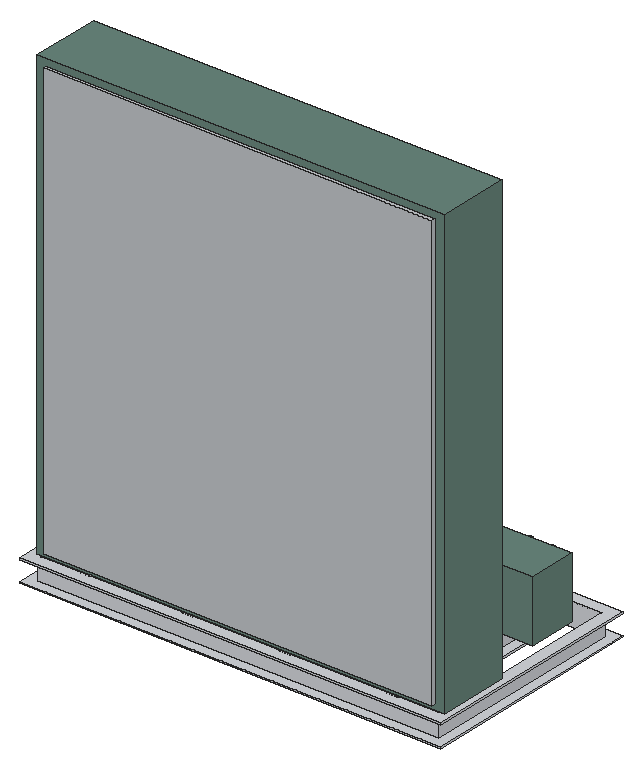
Revit family "CondensingUnit_Freezer_1300x700x1450", category Mechanical Equipment, Revit 2025
Family settings
  Round Connector Dimension = Use Diameter
  Classification = None
  Part Type = Normal
  Work Plane-Based = No
  Always vertical = Yes
  Cut with Voids When Loaded = No
  Maintain Annotation Orientation = No
  Shared = No
  Room Calculation Point = No
Parameters (values of type "Default")
  Width = 1300 mm
  Refrigerant = "R404A / R507A"
  Height = 1450 mm
  Depth = 700 mm
  Default Elevation = 0 mm
  Cooling_Capacity_kW = 4724.4 mm
  Compressor_Model = "Copeland Scroll / Semi-hermetic"
Reference planes
  plane 1 "Center (Front/Back)": y = 0
  plane 2: z = 0
  plane 3 "Center (Left/Right)": x = 0
Forms (mm)
  Extrusion 1, solid, material "Refrig_Green_Housing"
    sketch origin (0, 0, 210) x (1, 0, 0) y (0, 1, 0)
      loop
        line (-630, -310) -> (630, -310) -> (630, -90) -> (-630, -90) -> (-630, -310)
    from -140 to 1240
  Extrusion 2, solid, material "Aluminum_Fins"
    sketch origin (0, 0, 230) x (1, 0, 0) y (0, 1, 0)
      loop
        line (-600, -322.5) -> (600, -322.5) -> (600, -307.5) -> (-600, -307.5) -> (-600, -322.5)
    from -142.5 to 1200
  Extrusion 3, solid, material "Fan_Guard_Black"
    sketch origin (-290, -90, 478.75) x (0, 0, 1) y (1, 0, 0)
      loop
        circle (0, 0) r 230
    from 0 to 30
  Extrusion 4, solid, material "Fan_Guard_Black"
    sketch origin (-290, -60, 478.75) x (0, 0, 1) y (1, 0, 0)
      loop
        circle (0, 0) r 65
    from 0 to 70
  Extrusion 5, solid, material "Fan_Guard_Black"
    sketch origin (290, -90, 478.75) x (0, 0, 1) y (1, 0, 0)
      loop
        circle (0, 0) r 230
    from 0 to 30
  Extrusion 6, solid, material "Fan_Guard_Black"
    sketch origin (290, -60, 478.75) x (0, 0, 1) y (1, 0, 0)
      loop
        circle (0, 0) r 65
    from 0 to 70
  Extrusion 7, solid, material "Fan_Guard_Black"
    sketch origin (-290, -90, 1038.75) x (0, 0, 1) y (1, 0, 0)
      loop
        circle (0, 0) r 230
    from 0 to 30
  Extrusion 8, solid, material "Fan_Guard_Black"
    sketch origin (-290, -60, 1038.75) x (0, 0, 1) y (1, 0, 0)
      loop
        circle (0, 0) r 65
    from 0 to 70
  Extrusion 9, solid, material "Fan_Guard_Black"
    sketch origin (290, -90, 1038.75) x (0, 0, 1) y (1, 0, 0)
      loop
        circle (0, 0) r 230
    from 0 to 30
  Extrusion 10, solid, material "Fan_Guard_Black"
    sketch origin (290, -60, 1038.75) x (0, 0, 1) y (1, 0, 0)
      loop
        circle (0, 0) r 65
    from 0 to 70
  Extrusion 11, solid, material "Compressor_Glossy_Black"
    sketch origin (10, 80, 70) x (1, 0, 0) y (0, 1, 0)
      loop
        circle (0, 0) r 120
    from 0 to 520
  Revolve 12, solid, material "Compressor_Glossy_Black"
    sketch origin (10, 80, 590) x (0, 0, 1) y (1, 0, 0)
      loop
        line (0, 0) -> (45, 0)
        arc (45, 0) -> (40.448, 66.73) -> (0, 120) r 116.694
        line (0, 120) -> (0, 0)
      axis (0, 0) -> (45, 0)
    angle from 0 to 360
  Extrusion 13, solid, material "White_Label"
    sketch origin (0, 0, 295) x (1, 0, 0) y (0, 1, 0)
      loop
        line (-65, 200) -> (85, 200) -> (85, 206) -> (-65, 206) -> (-65, 200)
    from 0 to 65
  Extrusion 14, solid, material "Copeland_Blue"
    sketch origin (0, 0, 345) x (1, 0, 0) y (0, 1, 0)
      loop
        line (-65, 200) -> (85, 200) -> (85, 206) -> (-65, 206) -> (-65, 200)
    from 0 to 35
  Extrusion 15, solid, material "Compressor_Glossy_Black"
    sketch origin (0, 0, 340) x (1, 0, 0) y (0, 1, 0)
      loop
        line (-137.5, 45) -> (-92.5, 45) -> (-92.5, 115) -> (-137.5, 115) -> (-137.5, 45)
    from 0 to 90
  Extrusion 16, solid, material "White_Insulation"
    sketch origin (260, 110, 220) x (1, 0, 0) y (0, 1, 0)
      loop
        circle (0, 0) r 47.5
    from -47.72 to 140
  Extrusion 17, solid, material "White_Insulation"
    sketch origin (10, 110, 220) x (0, 1, 0) y (0, 0, 1)
      loop
        circle (0, 0) r 47.5
    from 0 to 250
  Extrusion 18, solid, material "Black_Chassis_Steel"
    sketch origin (0, 0, 70) x (1, 0, 0) y (0, 1, 0)
      loop
        line (-380, 10) -> (-220, 10) -> (-220, 170) -> (-380, 170) -> (-380, 10)
    from 0 to 60
  Extrusion 19, solid, material "Refrig_Green_Housing"
    sketch origin (-300, 90, 130) x (1, 0, 0) y (0, 1, 0)
      loop
        circle (0, 0) r 105
    from 0 to 280
  Revolve 20, solid, material "Refrig_Green_Housing"
    sketch origin (-300, 90, 410) x (0, 0, 1) y (1, 0, 0)
      loop
        line (0, 0) -> (40, 0)
        arc (40, 0) -> (35.86, 58.542) -> (0, 105) r 101.471
        line (0, 105) -> (0, 0)
      axis (0, 0) -> (40, 0)
    angle from 0 to 360
  Extrusion 21, solid, material "White_Label"
    sketch origin (0, 0, 280) x (1, 0, 0) y (0, 1, 0)
      loop
        line (-340, 194) -> (-260, 194) -> (-260, 198) -> (-340, 198) -> (-340, 194)
    from 0 to 60
  Extrusion 22, solid, material "Brass_Hardware"
    sketch origin (-300, 90, 450) x (1, 0, 0) y (0, 1, 0)
      loop
        circle (0, 0) r 16
    from 0 to 50
  Extrusion 23, solid, material "Refrig_Green_Housing"
    sketch origin (-530, 90, 70) x (1, 0, 0) y (0, 1, 0)
      loop
        circle (0, 0) r 62.5
    from 0 to 460
  Revolve 24, solid, material "Refrig_Green_Housing"
    sketch origin (-530, 90, 530) x (0, 0, 1) y (1, 0, 0)
      loop
        line (0, 0) -> (30, 0)
        arc (30, 0) -> (25.743, 36.406) -> (0, 62.5) r 56.376
        line (0, 62.5) -> (0, 0)
      axis (0, 0) -> (30, 0)
    angle from 0 to 360
  Extrusion 25, solid, material "Compressor_Glossy_Black"
    sketch origin (-80, 240, 115) x (0, 1, 0) y (0, 0, 1)
      loop
        circle (0, 0) r 36
    from 0 to 170
  Extrusion 26, solid, material "Copper_Pipe"
    sketch origin (-220, 240, 115) x (0, 1, 0) y (0, 0, 1)
      loop
        circle (0, 0) r 8
    from -85 to 140
  Extrusion 27, solid, material "Copper_Pipe"
    sketch origin (90, 240, 115) x (0, 1, 0) y (0, 0, 1)
      loop
        circle (0, 0) r 8
    from 0 to 80
  Extrusion 28, solid, material "Brass_Hardware"
    sketch origin (0, 0, 87.5) x (1, 0, 0) y (0, 1, 0)
      loop
        line (147.5, 217.5) -> (192.5, 217.5) -> (192.5, 262.5) -> (147.5, 262.5) -> (147.5, 217.5)
    from 0 to 55
  Extrusion 29, solid, material "Copper_Pipe"
    sketch origin (-300, 240, 115) x (1, 0, 0) y (0, 1, 0)
      loop
        circle (0, 0) r 8
    from 0 to 132.146
  Extrusion 30, solid, material "Silver_Absorber"
    sketch origin (-180, 50, 690) x (0, 1, 0) y (0, 0, 1)
      loop
        circle (0, 0) r 21
    from 0 to 190
  Extrusion 31, solid, material "Copper_Pipe"
    sketch origin (10, 50, 690) x (0, 1, 0) y (0, 0, 1)
      loop
        circle (0, 0) r 14
    from 0 to 160
  Extrusion 32, solid, material "Copper_Pipe"
    sketch origin (170, 50, 550) x (1, 0, 0) y (0, 1, 0)
      loop
        circle (0, 0) r 14
    from 0 to 144.131
  Extrusion 33, solid, material "Copper_Pipe"
    sketch origin (10, 50, 550) x (0, 1, 0) y (0, 0, 1)
      loop
        circle (0, 0) r 14
    from 0 to 160
  Extrusion 34, solid, material "Copper_Pipe"
    sketch origin (-370, 50, 690) x (0, 1, 0) y (0, 0, 1)
      loop
        circle (0, 0) r 14
    from 0 to 190
  Extrusion 35, solid, material "Copper_Pipe"
    sketch origin (-370, 50, 520) x (1, 0, 0) y (0, 1, 0)
      loop
        circle (0, 0) r 14
    from -110 to 169.36
  Extrusion 36, solid, material "Refrig_Green_Housing"
    sketch origin (0, 0, 70) x (1, 0, 0) y (0, 1, 0)
      loop
        line (375, 85) -> (585, 85) -> (585, 235) -> (375, 235) -> (375, 85)
    from 0 to 190
  Extrusion 37, solid, material "Gauge_Blue_Dial"
    sketch origin (445, 236, 220) x (0, 0, 1) y (1, 0, 0)
      loop
        circle (0, 0) r 31
    from 0 to 15
  Extrusion 38, solid, material "Gauge_Red_Dial"
    sketch origin (515, 236, 220) x (0, 0, 1) y (1, 0, 0)
      loop
        circle (0, 0) r 31
    from 0 to 15
  Extrusion 39, solid, material "White_Label"
    sketch origin (0, 0, 125) x (1, 0, 0) y (0, 1, 0)
      loop
        line (425, 230) -> (535, 230) -> (535, 250) -> (425, 250) -> (425, 230)
    from 0 to 55
  Extrusion 40, solid, material "Fan_Guard_Black"
    sketch origin (0, 0, 125) x (1, 0, 0) y (0, 1, 0)
      loop
        line (450, 249) -> (470, 249) -> (470, 255) -> (450, 255) -> (450, 249)
    from 0 to 25
  Extrusion 41, solid, material "Fan_Guard_Black"
    sketch origin (0, 0, 125) x (1, 0, 0) y (0, 1, 0)
      loop
        line (490, 249) -> (510, 249) -> (510, 255) -> (490, 255) -> (490, 249)
    from 0 to 25
  Sweep 42, solid
    path in 3D
      loop
        line (650, 350, 0) -> (650, -350, 0) -> (-650, -350, 0) -> (-650, 350, 0) -> (650, 350, 0)
    profile origin (0, 350, 0) x (0, -1, 0) y (0, 0, -1)
      loop
        line (0, -65) -> (0, -70) -> (35, -70) -> (35, 0) -> (0, 0) -> (0, -5) -> (30, -5) -> (30, -65) -> (0, -65)
  Sweep 43, solid
    path in 3D
      loop
        line (490, 315, 0) -> (490, -315, 0)
    profile origin (490, 0, 0) x (-1, 0, 0) y (0, 0, -1)
      loop
        line (0, -65) -> (0, -70) -> (35, -70) -> (35, 0) -> (0, 0) -> (0, -5) -> (30, -5) -> (30, -65) -> (0, -65)
  Sweep 44, solid
    path in 3D
      loop
        line (155, 315, 0) -> (155, -315, 0)
    profile origin (155, 0, 0) x (-1, 0, 0) y (0, 0, -1)
      loop
        line (0, -65) -> (0, -70) -> (35, -70) -> (35, 0) -> (0, 0) -> (0, -5) -> (30, -5) -> (30, -65) -> (0, -65)
  Sweep 45, solid
    path in 3D
      loop
        line (-145, 315, 0) -> (-145, -315, 0)
    profile origin (-145, 0, 0) x (-1, 0, 0) y (0, 0, -1)
      loop
        line (0, -65) -> (0, -70) -> (35, -70) -> (35, 0) -> (0, 0) -> (0, -5) -> (30, -5) -> (30, -65) -> (0, -65)
  Sweep 46, solid
    path in 3D
      loop
        line (-465, 315, 0) -> (-465, -315, 0)
    profile origin (-465, 0, 0) x (-1, 0, 0) y (0, 0, -1)
      loop
        line (0, -65) -> (0, -70) -> (35, -70) -> (35, 0) -> (0, 0) -> (0, -5) -> (30, -5) -> (30, -65) -> (0, -65)
  Extrusion 47, solid, material "Copper_Pipe"
    sketch origin (-300, 300, 255) x (1, 0, 0) y (0, 0, 1)
      loop
        circle (0, 0) r 8
    from 52.466 to 120
Lines and regions (mm)
  sketch lines
    curve 1: line (-650, 350, 0) -> (650, 350, 0)
    curve 2: line (-650, -350, 0) -> (-650, 350, 0)
    curve 3: line (650, -350, 0) -> (-650, -350, 0)
    curve 4: line (650, 350, 0) -> (650, -350, 0)
    curve 5: line (490, 315, 0) -> (490, -315, 0)
    curve 6: line (155, 315, 0) -> (155, -315, 0)
    curve 7: line (-145, 315, 0) -> (-145, -315, 0)
    curve 8: line (-465, 315, 0) -> (-465, -315, 0)
Dimensions and locks
  Extrusion 1 to level = 1450 mm
  aligned and locked: level to plane 2
Connectors
  piping at (260, 110, 360), diameter 54
    settings: on Extrusion 16, index 1, connector inside diameter 609.6 mm, connector length 0 mm, flow factor 0, pipe flow 0.0 L/s, pressure drop 0.0 Pa, fitting loss kfactor 0, connector angle 0.00°, fixture units 0, engagement length 0 mm, angle of deflection 0.00°, flow configuration 0, flow direction 0, fitting loss method 0, system type 8, joint type 0, gender type 0, connector reference index -1, connector utility 0, adjustable connector no, is connector primary yes, connector description ""
